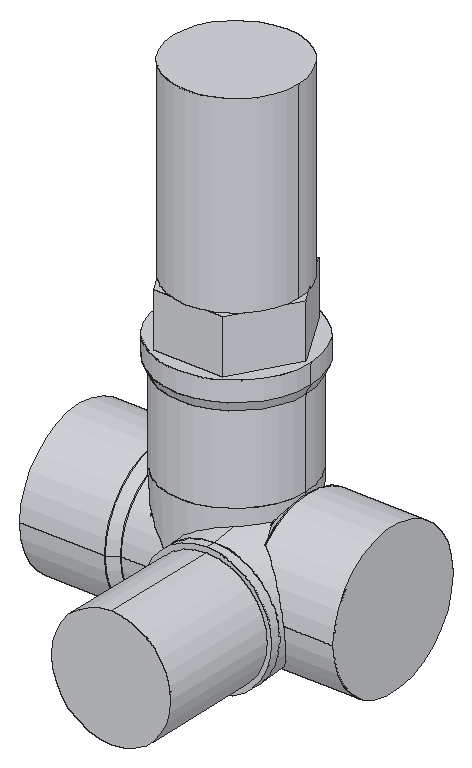
Revit family "TermCon_DN15_FF_RFA_2019", category Pipe Accessories, Revit 2019
Family settings
  Round Connector Dimension = Use Diameter
  Part Type = Valve - Breaks Into
  Work Plane-Based = No
  Always vertical = Yes
  Cut with Voids When Loaded = No
  Shared = No
Parameters (values of type "TemCon DN15 F/F")
  magiProductId = "b4af831f0cd8469b8a1c3640f49a5f"
  magiProductFamilyId = "bd44fe9f852841a2a328978ab5ffb8"
  magiPartTypeId = 306
  isMeasuringValve [instance] = no
  ang2D [instance] = 0.00°
  W2D = 15 mm
  W1 = 24 mm
  W = 42 mm
  VersionID = "2.0/2018.12.13.2/FRESE_TEMCON_F_001"
  Use Minimum Symbol Size [instance] = no
  URL = "www.hydronic.cz"
  Type Comments = "závitový s vnitřním závitem;  PN10;  max dp=100kPa; pracovní rozsah 10+-100°C; rozsah nastavení 37-65°C; rpzsah nastavení pro bypass 70-80°C;"
  R7 = 12 mm
  R6 = 13 mm
  R5 = 12.591 mm
  R4 = 14.99 mm
  R3 = 13.99 mm
  R2 = 13.5 mm
  R1 = 15 mm
  QmdConnectorList = "301;D;302;D"
  Productdata [instance] = ""
  Manufacturer = "Hydronic Systems Prague s.r.o."
  MC Product Code = "47-2890 DN15 FF (37-65°C, max 100kPa)"
  LT2 = 31.5 mm
  L2D_Min = 30.48 mm
  L2D = 63 mm
  L2 = 24.98 mm
  L1__ve = -L1  # -17.01 mm
  L1 = 17.01 mm
  Keynote = ""
  H4 = 38.6 mm
  H3 = 10.8 mm
  H2 = 4 mm
  H1 = 17.6 mm
  Description = "Automatický termostatický vyvažovací ventil pro rozvody TUV"
  D = 15 mm
  CenSd_R3_6 = R3 * cos(30.00°)  # 12.116 mm
Reference planes
  plane 1 "Center (Front/Back)": y = 0
  plane 2 "XYPLANE": z = 0
  plane 3 "Center (Left/Right)": x = 0
  plane 4 "53": y = -42
  plane 5 "50": x = 8.49
  plane 6 "48": y = -16
  plane 7 "44": y = -18
  plane 8 "42": z = -2
  plane 9 "40": z = 49.4
  plane 10 "38": z = 38.6
  plane 11 "33": z = 34.6
  plane 12 "30": z = 32.6
  plane 13 "26": z = 15
  plane 14 "22": x = 14.49
  plane 15 "21": x = 12.49
  plane 16 "13": x = -12.49
  plane 17 "12": x = -14.49
  plane 18 "6": x = 31.5
  plane 19 "5": x = -31.5
  plane 20 "3": z = 0
  plane 21 "2": y = 0
  plane 22 "1": x = 0
Forms (mm)
  Extrusion 1, solid
    sketch origin (750, -42, 0) x (-1, 0, 0) y (0, 0, 1)
      loop
        circle (741.51, -2) r 12
    from 0 to 24 <- "W1"
  Blend 2, solid
    base sketch origin (750, 0, 0) x (-1, 0, 0) y (0, 0, 1)
      loop
        circle (741.51, 0) r 13.5
    top sketch origin (750, 0, 0) x (-1, 0, 0) y (0, 0, 1)
      loop
        circle (741.51, -2) r 13
    from 0 to -16
  Extrusion 3, solid
    sketch origin (750, -18, 0) x (-1, 0, 0) y (0, 0, 1)
      loop
        circle (741.51, -2) r 13
    from 0 to 2
  Extrusion 4, solid
    sketch origin (-750, 0, 49.4) x (1, 0, 0) y (0, 1, 0)
      loop
        circle (750, 0) r 12.591
    from 0 to 38.6 <- "H4"
  Extrusion 5, solid
    sketch origin (-750, 0, 38.6) x (1, 0, 0) y (0, 1, 0)
      loop
        line (763.99, 0) -> (756.995, 12.116) -> (743.005, 12.116) -> (736.01, 0) -> (743.005, -12.116) -> (756.995, -12.116) -> (763.99, 0)
    from 0 to 10.8 <- "H3"
  Extrusion 6, solid
    sketch origin (-750, 0, 34.6) x (1, 0, 0) y (0, 1, 0)
      loop
        circle (750, 0) r 14.99
    from 0 to 4 <- "H2"
  Blend 7, solid
    base sketch origin (-750, 0, 32.6) x (1, 0, 0) y (0, 1, 0)
      loop
        circle (750, 0) r 13.99
    top sketch origin (-750, 0, 32.6) x (1, 0, 0) y (0, 1, 0)
      loop
        circle (750, 0) r 14.99
    from 0 to 2
  Extrusion 8, solid
    sketch origin (-750, 0, 15) x (1, 0, 0) y (0, 1, 0)
      loop
        circle (750, 0) r 13.99
    from 0 to 17.6 <- "H1"
  Blend 9, solid
    base sketch origin (-750, 0, 0) x (1, 0, 0) y (0, 1, 0)
      loop
        circle (750, 0) r 13.5
    top sketch origin (-750, 0, 0) x (1, 0, 0) y (0, 1, 0)
      loop
        circle (750, 0) r 13.99
    from 0 to 15
  Blend 10, solid
    base sketch origin (12.49, -750, 0) x (0, 1, 0) y (0, 0, 1)
      loop
        circle (750, 0) r 13.5
    top sketch origin (12.49, -750, 0) x (0, 1, 0) y (0, 0, 1)
      loop
        circle (750, 0) r 15
    from 0 to 2
  Extrusion 11, solid
    sketch origin (31.5, -750, 0) x (0, 1, 0) y (0, 0, 1)
      loop
        circle (750, 0) r 15
    from 0 to -17.01 <- "L1__ve"
  Extrusion 12, solid
    sketch origin (-12.49, -750, 0) x (0, 1, 0) y (0, 0, 1)
      loop
        circle (750, 0) r 13.5
    from 0 to 24.98 <- "L2"
  Blend 13, solid
    base sketch origin (-14.49, -750, 0) x (0, 1, 0) y (0, 0, 1)
      loop
        circle (750, 0) r 15
    top sketch origin (-14.49, -750, 0) x (0, 1, 0) y (0, 0, 1)
      loop
        circle (750, 0) r 13.5
    from 0 to 2
  Extrusion 14, solid
    sketch origin (-31.5, -750, 0) x (0, 1, 0) y (0, 0, 1)
      loop
        circle (750, 0) r 15
    from 0 to 17.01 <- "L1"
  Extrusion 15, solid, not visible
    sketch origin (31.5, -750, 0) x (0, 1, 0) y (0, 0, 1)
      loop
        circle (750, 0) r 10
    from 0 to -10
  Extrusion 16, solid, not visible
    sketch origin (-31.5, -750, 0) x (0, 1, 0) y (0, 0, 1)
      loop
        circle (750, 0) r 10
    from 0 to 10
Lines and regions (mm)
  reference lines, not visible
    curve 1: circle (2, 2, 0) r 1 normal (0, 0, 1)
  reference lines
    curve 2: line (0, 0, 38.6) -> (-3.497, 6.058, 38.6)
    curve 3: line (0, 0, 38.6) -> (-6.995, 0, 38.6)
    curve 4: line (0, 0, 38.6) -> (-3.497, -6.058, 38.6)
Dimensions and locks
  plane 1 "Center (Front/Back)" to curve 1 = 2 mm
  "W": plane 1 "Center (Front/Back)" to plane 4 "53"
  locked: plane 15 "21" to plane 5 "50" at 4
  locked: plane 7 "44" to plane 6 "48" at 2
  locked: plane 1 "Center (Front/Back)" to plane 7 "44" at 18
  locked: plane 2 "XYPLANE" to plane 8 "42" at 2
  "H3": plane 10 "38" to plane 9 "40"
  "H2": plane 11 "33" to plane 10 "38"
  locked: plane 12 "30" to plane 11 "33" at 2
  "H1": plane 13 "26" to plane 12 "30"
  locked: plane 2 "XYPLANE" to plane 13 "26" at 15
  locked: plane 15 "21" to plane 14 "22" at 2
  "L2": plane 16 "13" to plane 15 "21"
  locked: plane 17 "12" to plane 16 "13" at 2
  "L1": plane 19 "5" to plane 17 "12"
  "LT2": plane 3 "Center (Left/Right)" to plane 18 "6"
  "LT2": plane 3 "Center (Left/Right)" to plane 19 "5"
  locked: plane 2 "XYPLANE" to plane 20 "3"
  locked: plane 1 "Center (Front/Back)" to plane 21 "2"
  locked: plane 3 "Center (Left/Right)" to plane 22 "1"
  "CenSd_R3_6": curve 2 to Extrusion 5 sketch curve  (x2)
  "CenSd_R3_6": curve 3 to Extrusion 5 sketch curve  (x2)
  "CenSd_R3_6": curve 4 to Extrusion 5 sketch curve  (x2)
  Extrusion 5 sketch curve to Extrusion 5 sketch curve = 0 mm  (x12)
  "R7": radius of Extrusion 1 sketch curve
  "R6": radius of Blend 2 sketch curve
  "R2": radius of Blend 2 sketch curve
  "R6": radius of Extrusion 3 sketch curve
  "R5": radius of Extrusion 4 sketch curve
  "R4": radius of Extrusion 6 sketch curve
  "R4": radius of Blend 7 sketch curve
  "R3": radius of Blend 7 sketch curve
  "R3": radius of Extrusion 8 sketch curve
  "R3": radius of Blend 9 sketch curve
  "R2": radius of Blend 9 sketch curve
  "R1": radius of Blend 10 sketch curve
  "R2": radius of Blend 10 sketch curve
  "R1": radius of Extrusion 11 sketch curve
  "R2": radius of Extrusion 12 sketch curve
  "R2": radius of Blend 13 sketch curve
  "R1": radius of Blend 13 sketch curve
  "R1": radius of Extrusion 14 sketch curve
  locked: curve 3 to curve 2 (angle 60.00°)
  locked: curve 4 to curve 3 (angle 60.00°)
  locked: curve 4 to curve 2 (angle 120.00°)
  aligned and locked: level to plane 2 "XYPLANE"
  aligned and locked: plane 5 "50" to Extrusion 1 sketch curve
  aligned and locked: plane 8 "42" to Extrusion 1 sketch curve
  aligned and locked: plane 5 "50" to Blend 2 sketch curve  (x2)
  aligned and locked: plane 8 "42" to Blend 2 sketch curve
  aligned and locked: plane 20 "3" to Blend 2 sketch curve
  aligned and locked: Blend 2 to plane 6 "48"
  aligned and locked: plane 5 "50" to Extrusion 3 sketch curve
  aligned and locked: plane 8 "42" to Extrusion 3 sketch curve
  aligned and locked: plane 21 "2" to Extrusion 4 sketch curve
  aligned and locked: plane 22 "1" to Extrusion 4 sketch curve
  aligned and locked: plane 21 "2" to curve 4
  aligned and locked: plane 22 "1" to curve 4
  aligned and locked: plane 21 "2" to Extrusion 6 sketch curve
  aligned and locked: plane 22 "1" to Extrusion 6 sketch curve
  aligned and locked: plane 21 "2" to Blend 7 sketch curve  (x2)
  aligned and locked: plane 22 "1" to Blend 7 sketch curve  (x2)
  aligned and locked: plane 11 "33" to Blend 7
  aligned and locked: plane 21 "2" to Extrusion 8 sketch curve
  aligned and locked: plane 22 "1" to Extrusion 8 sketch curve
  aligned and locked: plane 21 "2" to Blend 9 sketch curve  (x2)
  aligned and locked: plane 22 "1" to Blend 9 sketch curve  (x2)
  aligned and locked: plane 13 "26" to Blend 9
  aligned and locked: plane 20 "3" to Blend 10 sketch curve  (x2)
  aligned and locked: Blend 10 sketch curve to plane 21 "2"  (x2)
  aligned and locked: plane 14 "22" to Blend 10
  aligned and locked: plane 20 "3" to Extrusion 11 sketch curve
  aligned and locked: Extrusion 11 sketch curve to plane 21 "2"
  aligned and locked: plane 20 "3" to Extrusion 12 sketch curve
  aligned and locked: Extrusion 12 sketch curve to plane 21 "2"
  aligned and locked: plane 20 "3" to Blend 13 sketch curve  (x2)
  aligned and locked: Blend 13 sketch curve to plane 21 "2"  (x2)
  aligned and locked: plane 16 "13" to Blend 13
  aligned and locked: plane 20 "3" to Extrusion 14 sketch curve
  aligned and locked: Extrusion 14 sketch curve to plane 21 "2"
  aligned and locked: plane 20 "3" to Extrusion 15 sketch curve
  aligned and locked: Extrusion 15 sketch curve to plane 21 "2"
  aligned and locked: plane 20 "3" to Extrusion 16 sketch curve
  aligned and locked: Extrusion 16 sketch curve to plane 21 "2"
Automatic sketch dimensions
  plane 6 "48" to Extrusion 15 sketch curve = 6 mm
  plane 6 "48" to Extrusion 16 sketch curve = 6 mm
  plane 3 "Center (Left/Right)" to curve 1 = 2 mm
  radius of curve 1 = 1 mm
Connectors
  piping at (-31.5, 0, 0), diameter 15, driven by "D"
    settings: on Extrusion 16, index 1, connector inside diameter 609.6 mm, connector length 0 mm, flow factor 0, pipe flow 0.0 L/s, pressure drop 0.0 Pa, fitting loss kfactor 0, connector angle 0.00°, fixture units 0, engagement length 0 mm, angle of deflection 0.00°, flow configuration 0, flow direction 0, fitting loss method 0, system type 29, joint type 0, gender type 0, connector reference index 2, connector utility 0, adjustable connector no, is connector primary yes, connector description ""
  piping at (31.5, 0, 0), diameter 15, driven by "D"
    settings: on Extrusion 15, index 2, connector inside diameter 609.6 mm, connector length 0 mm, flow factor 0, pipe flow 0.0 L/s, pressure drop 0.0 Pa, fitting loss kfactor 0, connector angle 0.00°, fixture units 0, engagement length 0 mm, angle of deflection 0.00°, flow configuration 0, flow direction 0, fitting loss method 0, system type 29, joint type 0, gender type 0, connector reference index 1, connector utility 0, adjustable connector no, is connector primary no, connector description ""
